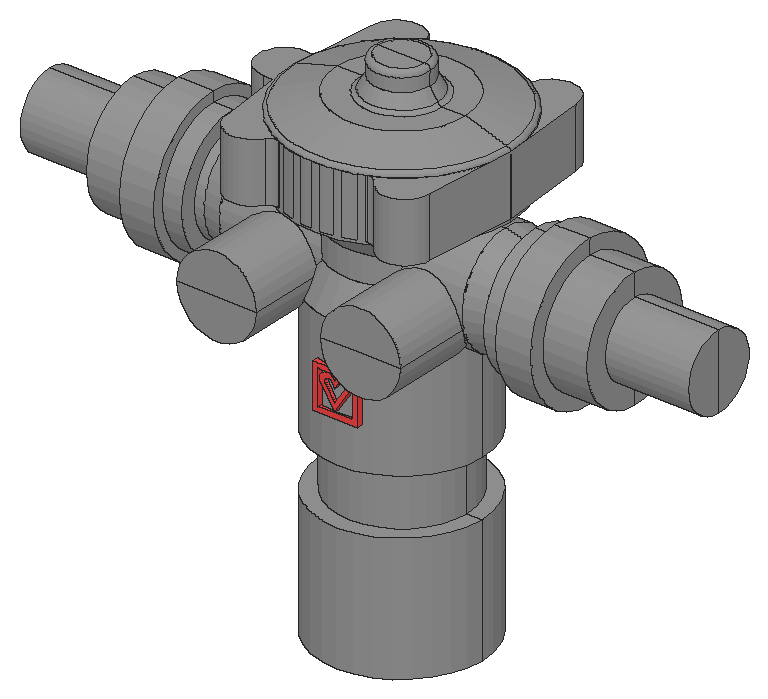
Revit family "Pressure independent control valve 4006_R_SMART", category Rohrzubehör, Revit 2018
Family settings
  Bemaßung runder Anschluss = Durchmesser verwenden
  Teiletyp = Unterbricht
  OmniClass-Nummer = 23.65.55.14
  OmniClass-Titel = Valves for Liquid Services
  Arbeitsebenenbasiert = Nein
  Immer vertikal = Ja
  Beim Laden mit Abzugskörper schneiden = Nein
  Gemeinsam genutzt = Nein
Parameters
  min. Operating temperature (pure water) = 2 °C  # constant formula
  min. Operating temperature (frost protection) = -20 °C  # constant formula
  max. Operating temperature up to DN32 = 130 °C  # constant formula
  max. Operating temperature from DN40 = 110 °C  # constant formula
  max. Operating pressure = 1600000.0 Pa  # constant formula
  VRL01 = 30.000 mm  # constant formula
  V12 = 17.000 mm  # constant formula
  V10 = 7.000 mm  # constant formula
  V09 [instance] = L06 + 4.000 mm  # 11.000 mm
  V04 [instance] = V08 + 3.000 mm  # 13.000 mm
  V03 [instance] = V08 + 5.000 mm  # 15.000 mm
  V02 [instance] = V01 + 4.500 mm  # 12.000 mm
  V01 [instance] = Nennweite / 2  # 7.500 mm
  URL = "http://www.herzvalves.com/"
  S09 = 10.000 mm
  S08 = 30.000 mm
  Pin = "stainless steel 14301"  # constant formula
  SCRNSEQ = "ARM;ARM_TYP=\"DURR\";2"
  SCRNCODE = "05;04;02"  # constant formula
  S07 [instance] = H03 + 3.700 mm  # 10.051 mm
  S04 [instance] = V03 * 2  # 30.000 mm
  S01 [instance] = L01 + L02 + (VRL01 * 2)  # 135.000 mm
  R17 [instance] = size_lookup("4006R_S", "R17", 12.500 mm, Nennweite)  # 12.500 mm
  R16 [instance] = size_lookup("4006R_S", "R16", 16.500 mm, Nennweite)  # 16.500 mm
  R15 = 7.225 mm  # constant formula
  R14 = 8.070 mm  # constant formula
  R13 = 3.496 mm  # constant formula
  R12 = 6.800 mm  # constant formula
  R11 = 9.620 mm  # constant formula
  R10 = 6.800 mm  # constant formula
  R09 = 16.292 mm  # constant formula
  R08 = 13.212 mm  # constant formula
  R07 = 18.816 mm  # constant formula
  R06 = 22.000 mm  # constant formula
  R05 = 12.954 mm  # constant formula
  R04 = 7.193 mm  # constant formula
  R03 = 5.755 mm  # constant formula
  R02 = 4.670 mm  # constant formula
  R01 [instance] = size_lookup("4006R_S", "R01", 11.000 mm, Nennweite)  # 11.000 mm
  PN = 16  # constant formula
  O-Rings = "EPDM"  # constant formula
  V08 [instance] = size_lookup("4006R_S", "N2", 10.000 mm, Nennweite)  # 10.000 mm
  Nennweite/2 [instance] = size_lookup("4006R_S", "N1", 8.000 mm, Nennweite)  # 9.000 mm
  Nennweite [instance] = 15.000 mm
  Membrane housing = "brass CW602N"  # constant formula
  Membrane = "EPDM"  # constant formula
  Medium = "water purity in accordance with the ÖNORM H5195 and VDI2035 standards\r\nthe use of ethylene and propylene glycol in a mixture ratio of 25 - 50% by volume [%] is permitted."
  Lift = 4.000 mm  # constant formula
  L15 [instance] = size_lookup("4006R_S", "L15", 3.300 mm, Nennweite)  # 3.300 mm
  L14 [instance] = size_lookup("4006R_S", "L14", 43.477 mm, Nennweite)  # 43.477 mm
  L13 [instance] = size_lookup("4006R_S", "L13", 32.232 mm, Nennweite)  # 32.232 mm
  L12 [instance] = size_lookup("4006R_S", "L12", 6.497 mm, Nennweite)  # 6.497 mm
  L11 [instance] = size_lookup("4006R_S", "L11", 5.418 mm, Nennweite)  # 5.418 mm
  L10 [instance] = size_lookup("4006R_S", "L10", 12.434 mm, Nennweite)  # 12.434 mm
  L09 [instance] = size_lookup("4006R_S", "L09", 24.943 mm, Nennweite)  # 24.943 mm
  L08 [instance] = size_lookup("4006R_S", "L08", 28.260 mm, Nennweite)  # 28.260 mm
  L07 [instance] = size_lookup("4006R_S", "L07", 33.915 mm, Nennweite)  # 33.915 mm
  L06 = 7.000 mm  # constant formula
  L05 = 9.000 mm  # constant formula
  L04 = 21.000 mm  # constant formula
  L03 = 28.000 mm  # constant formula
  L02 = 34.000 mm  # constant formula
  L01 = 41.000 mm  # constant formula
  Capillary pipe = "copper Cu-DHP (CW024A)"  # constant formula
  Hersteller = "Herz-Armaturen GmbH"  # constant formula
  H04 = 12.000 mm  # constant formula
  H03 = 6.351 mm  # constant formula
  H02 [instance] = size_lookup("4006R_S", "H2", 69.000 mm, Nennweite)  # 69.000 mm
  H01 [instance] = size_lookup("4006R_S", "H1", 35.000 mm, Nennweite)  # 35.000 mm
  H [instance] = 112.553 mm  # constant formula
  Housing = "DZR brass CC770S"  # constant formula
  E20 = 108.221 mm  # constant formula
  E19 = 5.000 mm  # constant formula
  E18 = 5.150 mm  # constant formula
  E17 = 28.850 mm  # constant formula
  E16 = 23.700 mm  # constant formula
  E15 = 21.877 mm  # constant formula
  E14 = 20.506 mm  # constant formula
  E13 = 11.063 mm  # constant formula
  E12 = 9.001 mm  # constant formula
  E11 = 10.700 mm  # constant formula
  E10 = 20.427 mm  # constant formula
  E09 = 20.075 mm  # constant formula
  E08 = 20.825 mm  # constant formula
  E07 = 5.150 mm  # constant formula
  E06 = 17.921 mm  # constant formula
  E05 = 20.519 mm  # constant formula
  E04 = 19.704 mm  # constant formula
  E03 = 18.385 mm  # constant formula
  E02 = 20.014 mm  # constant formula
  E01 = 23.000 mm  # constant formula
  Spring = "spring steel"  # constant formula
  Bestellnummer Verschraubung [instance] = size_lookup("4006R_S", "Vrnr", 0, Nennweite)  # 1621011
  Bestellnummer [instance] = size_lookup("4006R_S", "Artnr", 0, Nennweite)  # 1400661
  Protective cap = "plastic"  # constant formula
  B09 = 7.998 mm  # constant formula
  B08 = 26.000 mm  # constant formula
  B07 = 30.908 mm  # constant formula
  B06 = 39.471 mm  # constant formula
  B05 = 40.933 mm  # constant formula
  B04 = 41.901 mm  # constant formula
  B03 = 44.372 mm  # constant formula
  B02 = 45.400 mm  # constant formula
  B01 = 50.000 mm  # constant formula
  Application = "the Pressure Independent Balancing Control Valve (PIBCV) is used in all heating and cooling systems with circulation pumps.\r\nthe valve automatically maintains flow to the required part of the system at the set rate by measuring and immediately adjusting to any variation in pressure.\r\nno additional measurements are necessary and the correct flow rate is achieved at all operating conditions.\r\nthe diaphragm responds to the pressure upstream and downstream of the regulating valve (via an internal impulse line).\r\nthe valve settings directly affect the volumetric flow through the valve.\r\nit is thus possible to set the maximum flow rate based on the flow chart when the valve is fitted.\r\nthis allows for the balancing of heating circuits, cooling water systems, ceiling cooling and heating panels, air heaters, etc. without any need to first assess the pressure variations in the system.\r\nthe valve‘s principal application is as a control valve for terminal units."
Reference planes
  plane 1 "Mitte (Vorne/hinten)": y = 0
  plane 2: z = 0
  plane 3 "Mitte (Links/rechts)": x = 0
Forms (mm)
  Revolve 1, solid, material "Messing, weicher Gelbton, geschweißt", detail levels fine
    sketch origin (0, 0, 0) x (1, 0, 0) y (0, 0, 1)
      loop
        line (-41, 9) -> (-34, 9) -> (-34, 0) -> (27, 0) -> (27, 9) -> (34, 9) -> (34, 10) -> (25, 10) -> (21, 11) -> (-28, 11) -> (-32, 10) -> (-41, 10) -> (-41, 9)
      axis (-41, 0) -> (34, 0)
    angle from 0 to 360
  Revolve 2, solid, material "Messing, weicher Gelbton, geschweißt", detail levels fine
    sketch origin (0, 0, 0) x (1, 0, 0) y (0, 0, 1)
      loop
        line (0, -69) -> (16.292, -69) -> (16.292, -43.477) -> (13.212, -43.477) -> (13.212, -32.232) -> (16.292, -32.232) -> (16.292, -6.497) -> (13.212, 0.106) -> (13.212, 5.418) -> (18.816, 12.434) -> (22, 12.434) -> (22, 24.943)
        arc (22, 24.943) -> (21.752, 25.523) -> (21.223, 25.866) r 1.085
        line (21.223, 25.866) -> (12.954, 28.26) -> (8.134, 28.26)
        arc (8.134, 28.26) -> (7.591, 28.406) -> (7.193, 28.803) r 1.086
        line (7.193, 28.803) -> (5.755, 31.294) -> (5.755, 33.915)
        arc (5.755, 33.915) -> (5.437, 34.682) -> (4.67, 35) r 1.085
        line (4.67, 35) -> (0, 35) -> (0, -69)
      axis (0, 35) -> (0, -69)
    angle from 0 to 360
  Extrusion 3, solid, material "Messing, weicher Gelbton, geschweißt", detail levels fine
    sketch origin (0, 0, 28.917) x (1, 0, 0) y (0, 1, 0)
      loop
        arc (-20.506, 17.921) -> (-21.381, 11.556) -> (-21.877, 5.15) r 108.259
        line (-21.877, 5.15) -> (-23.7, 5.15)
        arc (-23.7, 5.15) -> (-27.342, 3.642) -> (-28.85, 0) r 5.15
        arc (-28.85, 0) -> (-27.342, -3.642) -> (-23.7, -5.15) r 5.15
        line (-23.7, -5.15) -> (-21.877, -5.15)
        arc (-21.877, -5.15) -> (-21.356, -11.79) -> (-20.427, -18.385) r 108.259
        arc (-20.427, -18.385) -> (-16.688, -23.223) -> (-11.063, -20.825) r 5
        arc (-11.063, -20.825) -> (-10.143, -20.146) -> (-9.001, -20.075) r 2.019
        arc (-9.001, -20.075) -> (0, -22.001) -> (9.001, -20.075) r 22.001
        arc (9.001, -20.075) -> (10.143, -20.145) -> (11.063, -20.825) r 2.019
        arc (11.063, -20.825) -> (16.688, -23.223) -> (20.427, -18.385) r 5
        arc (20.427, -18.385) -> (22, 0) -> (20.427, 18.385) r 108.221
        arc (20.427, 18.385) -> (16.253, 23.316) -> (10.7, 20.014) r 5
        arc (10.7, 20.014) -> (9.88, 19.699) -> (9.001, 19.704) r 2.379
        arc (9.001, 19.704) -> (0, 21.663) -> (-9.001, 19.704) r 21.663
        arc (-9.001, 19.704) -> (-10.161, 19.785) -> (-11.063, 20.519) r 1.927
        arc (-11.063, 20.519) -> (-16.774, 22.818) -> (-20.506, 17.921) r 5.079
    from -15.973 to -3.973
  Revolve 4, solid, material "Messing, weicher Gelbton, geschweißt", detail levels fine
    sketch origin (0, 0, -3.3) x (1, 0, 0) y (0, 1, 0)
      loop
        line (-16.5, -26) -> (-16.5, -7.998) -> (-24.57, -7.998) -> (-24.57, -26) -> (-16.5, -26)
      axis (-16.5, -7.998) -> (-16.5, -26)
    angle from 0 to 360
  Revolve 5, solid, material "Messing, weicher Gelbton, geschweißt", detail levels fine
    sketch origin (-4, 0, -3.3) x (-1, 0, 0) y (0, -1, 0)
      loop
        line (-16.5, 26) -> (-24.57, 26) -> (-24.57, 7.998) -> (-16.5, 7.998) -> (-16.5, 26)
      axis (-16.5, 7.998) -> (-16.5, 26)
    angle from 0 to 360
  Revolve 6, solid, material "Messing, weicher Gelbton, geschweißt", detail levels fine
    sketch origin (0, 0, 0) x (1, 0, 0) y (0, 0, 1)
      loop
        line (34, 0) -> (64, 0) -> (64, 7.5) -> (47, 7.5) -> (47, 12) -> (38, 12) -> (38, 15) -> (31, 15) -> (31, 13) -> (27, 13) -> (27, 10) -> (34, 10) -> (34, 0)
      axis (27, 0) -> (64, 0)
    angle from 0 to 360
  Revolve 7, solid, material "Messing, weicher Gelbton, geschweißt", detail levels fine
    sketch origin (-7, 0, 0) x (-1, 0, 0) y (0, 0, -1)
      loop
        line (34, 0) -> (34, -10) -> (27, -10) -> (27, -13) -> (31, -13) -> (31, -15) -> (38, -15) -> (38, -12) -> (47, -12) -> (47, -7.5) -> (64, -7.5) -> (64, 0) -> (34, 0)
      axis (27, 0) -> (64, 0)
    angle from 0 to 360
Lines and regions (mm)
  model lines, detail levels coarse+medium
    curve 1: line (67.5, -15, 0) -> (67.5, 15, 0)
    curve 2: line (67.5, 15, 0) -> (-67.5, -15, 0)
    curve 3: line (-67.5, -15, 0) -> (-67.5, 15, 0)
    curve 4: line (-67.5, 15, 0) -> (67.5, -15, 0)
    curve 5: line (-67.5, 14.673, 0) -> (0, -12.434, 0)
    curve 6: line (0, -12.434, 0) -> (67.5, 14.673, 0)
    curve 7: line (0, -12.434, 0) -> (0, -24.949, 0)
    curve 8: spline (-22, -29.974, 0) -> (-21.25, -28.674, 0) -> (-19.053, -27.462, 0) -> (-15.556, -26.421, 0) -> (-11, -25.622, 0) -> (-5.694, -25.12, 0) -> (0, -24.949, 0) -> (5.694, -25.12, 0) -> (11, -25.622, 0) -> (15.556, -26.421, 0) -> (19.053, -27.462, 0) -> (21.25, -28.674, 0) -> (22, -29.975, 0) -> (21.25, -31.275, 0) -> (19.053, -32.487, 0) -> (15.556, -33.528, 0) -> (11, -34.327, 0) -> (5.694, -34.829, 0) -> (0, -35, 0) -> (-5.694, -34.829, 0) -> (-11, -34.327, 0) -> (-15.556, -33.528, 0) -> (-19.053, -32.487, 0) -> (-21.25, -31.275, 0) -> (-22, -29.974, 0)
    curve 9: line (-67.5, 0, 15) -> (-67.5, 0, -15)
    curve 10: line (-67.5, 0, -15) -> (67.5, 0, 15)
    curve 11: line (67.5, 0, 15) -> (67.5, 0, -15)
    curve 12: line (67.5, 0, -15) -> (-67.5, 0, 15)
    curve 13: line (67.5, 0, -14.975) -> (0, 0, 12.434)
    curve 14: line (0, 0, 12.434) -> (-67.5, 0, -15)
    curve 15: line (0, 0, 12.434) -> (0, 0, 24.949)
    curve 16: spline (-22, 0, 29.975) -> (-21.25, 0, 31.275) -> (-19.053, 0, 32.487) -> (-15.556, 0, 33.528) -> (-11, 0, 34.327) -> (-5.694, 0, 34.829) -> (0, 0, 35) -> (5.694, 0, 34.829) -> (11, 0, 34.327) -> (15.556, 0, 33.528) -> (19.053, 0, 32.487) -> (21.25, 0, 31.275) -> (22, 0, 29.974) -> (21.25, 0, 28.674) -> (19.053, 0, 27.462) -> (15.556, 0, 26.421) -> (11, 0, 25.622) -> (5.694, 0, 25.12) -> (0, 0, 24.949) -> (-5.694, 0, 25.12) -> (-11, 0, 25.622) -> (-15.556, 0, 26.421) -> (-19.053, 0, 27.462) -> (-21.25, 0, 28.674) -> (-22, 0, 29.975)
  model lines
    curve 17: line (-67.5, 0, 15) -> (-77.5, 0, 15)
    curve 18: line (-77.5, 0, 15) -> (-67.5, 0, 0)
    curve 19: line (-67.5, 0, -15) -> (-77.5, 0, -15)
    curve 20: line (-77.5, 0, -15) -> (-67.5, 0, 0)
    curve 21: line (-67.5, 0, 0) -> (-97.5, 0, 0)
    curve 22: line (67.5, 0, 15) -> (77.5, 0, 15)
    curve 23: line (77.5, 0, 15) -> (67.5, 0, 0)
    curve 24: line (67.5, 0, 0) -> (97.5, 0, 0)
    curve 25: line (67.5, 0, -15) -> (77.5, 0, -15)
    curve 26: line (77.5, 0, -15) -> (67.5, 0, 0)
Dimensions and locks
  "H02": level to Revolve 2 sketch curve
  "L01": plane 3 "Mitte (Links/rechts)" to Revolve 1 sketch curve
  "V08": Revolve 1 sketch curve to Revolve 1 sketch curve  (x2)
  "Nennweite/2": Revolve 1 sketch curve to Revolve 1 sketch curve  (x2)
  "E01": plane 1 "Mitte (Vorne/hinten)" to Extrusion 3 sketch curve
  "L03": plane 3 "Mitte (Links/rechts)" to Revolve 1 sketch curve
  "L04": Revolve 1 sketch curve to plane 3 "Mitte (Links/rechts)"
  "L05": Revolve 1 sketch curve to Revolve 1 sketch curve  (x2)
  "L06": Revolve 1 sketch curve to Revolve 1 sketch curve  (x2)
  "L02": Revolve 1 sketch curve to plane 3 "Mitte (Links/rechts)"
  "H01": Revolve 2 sketch curve to level
  "R02": Revolve 2 sketch curve to Revolve 2 sketch curve
  "R03": Revolve 2 sketch curve to Revolve 2 sketch curve
  "R04": Revolve 2 sketch curve to Revolve 2 sketch curve
  "R05": Revolve 2 sketch curve to Revolve 2 sketch curve
  "R06": Revolve 2 sketch curve to Revolve 2 sketch curve
  "R07": Revolve 2 sketch curve to Revolve 2 sketch curve
  "R08": Revolve 2 sketch curve to Revolve 2 sketch curve  (x2)
  "R09": Revolve 2 sketch curve to Revolve 2 sketch curve  (x2)
  "L07": Revolve 2 sketch curve to plane 2
  "L08": Revolve 2 sketch curve to plane 2
  "L09": Revolve 2 sketch curve to plane 2
  "L10": Revolve 2 sketch curve to plane 2
  "L11": Revolve 2 sketch curve to plane 2
  "L12": plane 2 to Revolve 2 sketch curve
  "L13": plane 2 to Revolve 2 sketch curve
  "L14": plane 2 to Revolve 2 sketch curve
  "B08": plane 1 "Mitte (Vorne/hinten)" to Revolve 4 sketch curve
  "E02": plane 1 "Mitte (Vorne/hinten)" to Extrusion 3 sketch curve
  "E03": plane 1 "Mitte (Vorne/hinten)" to Extrusion 3 sketch curve
  "E04": plane 1 "Mitte (Vorne/hinten)" to Extrusion 3 sketch curve  (x2)
  "E05": plane 1 "Mitte (Vorne/hinten)" to Extrusion 3 sketch curve
  "E06": plane 1 "Mitte (Vorne/hinten)" to Extrusion 3 sketch curve
  "E07": plane 1 "Mitte (Vorne/hinten)" to Extrusion 3 sketch curve  (x2)
  "E03": Extrusion 3 sketch curve to plane 1 "Mitte (Vorne/hinten)"  (x2)
  "E08": Extrusion 3 sketch curve to plane 1 "Mitte (Vorne/hinten)"  (x2)
  "E09": Extrusion 3 sketch curve to plane 1 "Mitte (Vorne/hinten)"  (x2)
  "E07": Extrusion 3 sketch curve to plane 1 "Mitte (Vorne/hinten)"
  "E10": plane 3 "Mitte (Links/rechts)" to Extrusion 3 sketch curve  (x2)
  "E11": plane 3 "Mitte (Links/rechts)" to Extrusion 3 sketch curve
  "E12": plane 3 "Mitte (Links/rechts)" to Extrusion 3 sketch curve  (x2)
  "E12": Extrusion 3 sketch curve to plane 3 "Mitte (Links/rechts)"  (x2)
  "E13": Extrusion 3 sketch curve to plane 3 "Mitte (Links/rechts)"  (x2)
  "E14": Extrusion 3 sketch curve to plane 3 "Mitte (Links/rechts)"
  "E15": Extrusion 3 sketch curve to plane 3 "Mitte (Links/rechts)"  (x2)
  "E16": Extrusion 3 sketch curve to plane 3 "Mitte (Links/rechts)"  (x2)
  "E17": Extrusion 3 sketch curve to plane 3 "Mitte (Links/rechts)"
  "E10": Extrusion 3 sketch curve to plane 3 "Mitte (Links/rechts)"
  "E13": plane 3 "Mitte (Links/rechts)" to Extrusion 3 sketch curve
  "H03": Revolve 2 to Extrusion 3
  "H04": Extrusion 3 to Extrusion 3
  "R01": Revolve 1 sketch curve to Revolve 1 sketch curve
  "R16": Revolve 4 sketch curve to plane 3 "Mitte (Links/rechts)"
  "B08": Revolve 5 sketch curve to plane 1 "Mitte (Vorne/hinten)"
  "R17": plane 3 "Mitte (Links/rechts)" to Revolve 5 sketch curve
  "L06": Revolve 6 sketch curve to Revolve 6 sketch curve
  "V09": Revolve 6 sketch curve to Revolve 6 sketch curve
  "V10": Revolve 6 sketch curve to Revolve 6 sketch curve
  "V12": Revolve 6 sketch curve to Revolve 6 sketch curve
  "V01": Revolve 6 sketch curve to plane 2
  "V02": Revolve 6 sketch curve to plane 2
  "V03": Revolve 6 sketch curve to plane 2
  "V08": Revolve 6 sketch curve to plane 2
  "V04": Revolve 6 sketch curve to plane 2
  "L02": Revolve 6 sketch curve to plane 3 "Mitte (Links/rechts)"
  "L06": Revolve 7 sketch curve to Revolve 7 sketch curve
  "V09": Revolve 7 sketch curve to Revolve 7 sketch curve
  "V10": Revolve 7 sketch curve to Revolve 7 sketch curve
  "V12": Revolve 7 sketch curve to Revolve 7 sketch curve
  "V01": Revolve 7 sketch curve to plane 2
  "V02": Revolve 7 sketch curve to plane 2
  "L01": Revolve 7 sketch curve to plane 3 "Mitte (Links/rechts)"
  "V08": Revolve 7 sketch curve to plane 2
  "V04": Revolve 7 sketch curve to plane 2
  "V03": Revolve 7 sketch curve to plane 2
  "S01": curve 3 to curve 1
  "S04": curve 3 to curve 4
  "S04": curve 4 to curve 2
  equal spacing: curve 3, plane 1 "Mitte (Vorne/hinten)", curve 4
  equal spacing: curve 4, plane 1 "Mitte (Vorne/hinten)", curve 2
  "S07": curve 8 to curve 8
  "H01": curve 8 to plane 1 "Mitte (Vorne/hinten)"
  "L10": curve 7 to plane 1 "Mitte (Vorne/hinten)"
  "R06": curve 8 to plane 3 "Mitte (Links/rechts)" to curve 8
  "VRL01": Revolve 7 sketch curve to Revolve 7 sketch curve
  "VRL01": Revolve 6 sketch curve to Revolve 6 sketch curve
  equal spacing: curve 3, plane 3 "Mitte (Links/rechts)", curve 1
  "S01": curve 9 to curve 11
  equal spacing: curve 9, plane 3 "Mitte (Links/rechts)", curve 11
  "R06": curve 16 to plane 3 "Mitte (Links/rechts)" to curve 16
  "S07": curve 16 to curve 16
  "S04": curve 11 to curve 12
  "S04": curve 12 to curve 14
  equal spacing: curve 12, plane 2, curve 14
  equal spacing: curve 11, plane 2, curve 12
  "L10": curve 15 to plane 2
  "H01": curve 16 to plane 2
  "S09": curve 18 to curve 9
  "S09": curve 20 to curve 9
  "V03": curve 17 to plane 2 to curve 19
  "S08": curve 21 to curve 9
  "S09": curve 11 to curve 23
  "S09": curve 11 to curve 26
  "S08": curve 11 to curve 24
  "V03": curve 22 to plane 2 to curve 25
  "E18": radius of Extrusion 3 sketch curve  (x2)
  "E19": radius of Extrusion 3 sketch curve  (x3)
  "E20": radius of Extrusion 3 sketch curve
  aligned and locked: level to plane 2
Automatic sketch dimensions
  curve 18 to level = 0.000 mm
  curve 24 to level = 0.000 mm
  curve 17 to curve 18 = 10.000 mm
  curve 24 to curve 22 = 10.000 mm
  curve 17 to curve 17 = 10.000 mm
  curve 19 to curve 19 = 10.000 mm
  curve 22 to curve 22 = 10.000 mm
  curve 25 to curve 25 = 10.000 mm
  curve 6 to plane 3 "Mitte (Links/rechts)" = 0.000 mm
  curve 6 to curve 1 = 0.327 mm
  curve 5 to curve 3 = 0.327 mm
  Revolve 1 sketch curve to level = 0.000 mm  (x2)
  Revolve 1 sketch curve to Revolve 1 sketch curve = 1307.458 mm
  Revolve 1 sketch curve to Revolve 1 sketch curve = 1854.450 mm
  Revolve 2 sketch curve to plane 3 "Mitte (Links/rechts)" = 0.000 mm  (x2)
  Revolve 2 sketch curve to Revolve 2 sketch curve = 0.941 mm
  Revolve 2 sketch curve to Revolve 2 sketch curve = 1.078 mm
  Revolve 2 sketch curve to Revolve 2 sketch curve = 0.302 mm
  level to Revolve 2 sketch curve = 0.106 mm
  Revolve 2 sketch curve to Revolve 2 sketch curve = 0.119 mm
  Revolve 2 sketch curve to Revolve 2 sketch curve = 0.543 mm
  Revolve 2 sketch curve to Revolve 2 sketch curve = 2.621 mm
  Revolve 2 sketch curve to Revolve 2 sketch curve = 297.045 mm
  Revolve 2 sketch curve to Revolve 2 sketch curve = 2179.315 mm
  Extrusion 3 sketch curve to Extrusion 3 sketch curve = 0.000 mm  (x4)
  plane 1 "Mitte (Vorne/hinten)" to Extrusion 3 sketch curve = 0.000 mm
  Extrusion 3 sketch curve to Extrusion 3 sketch curve = 0.452 mm
  Extrusion 3 sketch curve to Extrusion 3 sketch curve = 1.611 mm
  Extrusion 3 sketch curve to Extrusion 3 sketch curve = 1.247 mm
  Extrusion 3 sketch curve to Extrusion 3 sketch curve = 1.610 mm
  Revolve 4 sketch curve to Revolve 4 sketch curve = 0.000 mm  (x3)
  Revolve 4 sketch curve to Revolve 4 sketch curve = 8.070 mm
  plane 1 "Mitte (Vorne/hinten)" to Revolve 4 sketch curve = 7.998 mm
  Revolve 5 sketch curve to Revolve 5 sketch curve = 0.000 mm  (x3)
  Revolve 5 sketch curve to Revolve 5 sketch curve = 8.070 mm
  plane 1 "Mitte (Vorne/hinten)" to Revolve 5 sketch curve = 7.998 mm
  Revolve 6 sketch curve to level = 0.000 mm  (x2)
  Revolve 6 sketch curve to Revolve 6 sketch curve = 0.000 mm  (x2)
  Revolve 7 sketch curve to level = 0.000 mm  (x2)
  Revolve 7 sketch curve to Revolve 7 sketch curve = 0.000 mm  (x2)
  curve 14 to plane 3 "Mitte (Links/rechts)" = 0.000 mm
  curve 10 to curve 14 = 0.000 mm
  curve 11 to curve 13 = 0.025 mm
Nested families
  nested 1: "Herz-Logo-vorne" at (0, -16.056, -19.148) x (0, 1, 0) z (0, 0, 1), type "Herz-Logo-vorne"
Connectors
  piping at (64, 0, 0), diameter 15, driven by "Nennweite"
    settings: on Revolve 6, index 1, connector inside diameter 609.6 mm, connector length 0.000 mm, flow factor 0, pipe flow 0.0 L/s, pressure drop 0.0 Pa, fitting loss kfactor 0, connector angle 0.00°, fixture units 0, engagement length 0.000 mm, angle of deflection 0.00°, flow configuration 0, flow direction 2, fitting loss method 0, system type 29, joint type 0, gender type 0, connector reference index -1, connector utility 0, adjustable connector no, is connector primary yes, connector description ""
  piping at (-71, 0, 0), diameter 15, driven by "Nennweite"
    settings: on Revolve 7, index 2, connector inside diameter 609.6 mm, connector length 0.000 mm, flow factor 0, pipe flow 0.0 L/s, pressure drop 0.0 Pa, fitting loss kfactor 0, connector angle 0.00°, fixture units 0, engagement length 0.000 mm, angle of deflection 0.00°, flow configuration 0, flow direction 1, fitting loss method 0, system type 29, joint type 0, gender type 0, connector reference index -1, connector utility 0, adjustable connector no, is connector primary no, connector description ""
Definition of nested family "Herz-Logo-vorne"
  Reference planes
    plane 1 "Mitte (Vorne/hinten)": y = 0
    plane 2: z = 0
    plane 3 "Mitte (Links/rechts)": x = 0
  Forms (mm)
    Extrusion 1, solid
      sketch origin (0.732, -0.018, 0.017) x (0, -1, 0) y (0, 0, 1)
        loop
          line (-0.018, -4.517) -> (4.482, -4.517) -> (4.482, 4.483) -> (-4.518, 4.483) -> (-4.518, -4.517) -> (-0.018, -4.517)
        loop
          line (-0.05, -3.48) -> (3.482, -3.48) -> (3.482, 3.483) -> (-3.518, 3.483) -> (-3.518, -3.48) -> (-0.05, -3.48)
        loop
          arc (-0.018, 2.383) -> (-1.543, 3.287) -> (-3.067, 2.383) r 1.738
          arc (-3.067, 2.383) -> (-3.191, 1.899) -> (-3.067, 1.415) r 1.009
          line (-3.067, 1.415) -> (-0.018, -3.281) -> (3.032, 1.415)
          arc (3.032, 1.415) -> (3.156, 1.899) -> (3.032, 2.383) r 1.009
          arc (3.032, 2.383) -> (1.507, 3.287) -> (-0.018, 2.383) r 1.738
        loop
          arc (1.885, 1.272) -> (2.005, 1.675) -> (1.885, 2.079) r 0.74
          arc (1.885, 2.079) -> (1.265, 2.416) -> (0.644, 2.079) r 0.74
          line (0.644, 2.079) -> (-0.018, 0.97) -> (-0.679, 2.079)
          arc (-0.679, 2.079) -> (-1.3, 2.416) -> (-1.921, 2.079) r 0.74
          arc (-1.921, 2.079) -> (-2.04, 1.675) -> (-1.921, 1.272) r 0.74
          line (-1.921, 1.272) -> (-0.018, -1.658) -> (1.885, 1.272)
      from 0 to 1.5
  Dimensions and locks
    aligned and locked: level to plane 2
